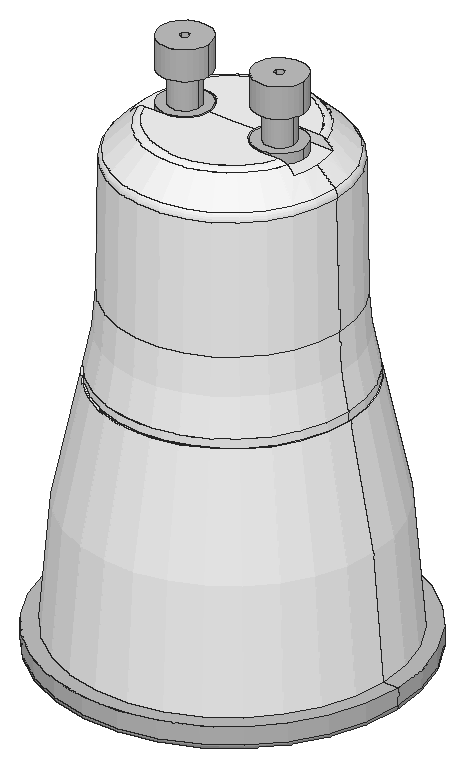
Revit family "STH7530_27", category Luminárias, Revit 2023
Family settings
  Cota do conector redondo = Utilizar diâmetro
  Tipo de parte = Normal
  Com base no plano de trabalho = Não
  Sempre na vertical = Sim
  Corte com vazios quando carregada = Não
  Fonte luminosa = Sim
  Manter orientação da anotação = Não
  Compartilhado = Não
  Ponto de cálculo do ambiente = Não
Parameters (values of type "STH7530/27 - BIVOLT - 2700K - 230lm - 30°")
  Ângulo de inclinação = 90.00°
  Ângulo de Abertura = "30°"
  Wattage = 1.54838 W
  URL = "https://stella.com.br/"
  Troca de temperatura da cor de lâmpada com esmaecimento = <Nenhum>
  Tensão Elétrica = "100V-240V"
  built-in parameter 1150107 = 2700 (stored number, unit not read)
  Temperatura da cor (K) = 2700 K
  Referência = "STH7530/27"
  Potência = 4 W
  built-in parameter 1150110 = 1 (stored number, unit not read)
  built-in parameter 1150109 = 1 (stored number, unit not read)
  built-in parameter 1114218 = 1 (stored number, unit not read)
  built-in parameter 1150112 = 1 (stored number, unit not read)
  built-in parameter 1150113 = 1 (stored number, unit not read)
  built-in parameter 1150132 = 2
  built-in parameter 1150137 = (empty or 0)
  Modelo = "Mini Dicroica MR11 Evo - Dimerizável BDT"
  Luminoso [instance] = Luminoso - 2700K
  built-in parameter 1150106 = 0.18303 (stored number, unit not read)
  built-in parameter 1150102 = (empty or 0)
  built-in parameter 1150105 = 18.303 (stored number, unit not read)
  IRC (Índice de reprodução de cores) = ">90 (R9 >50)"
  Grau de proteção (IP) = "IP20"
  Fluxo Luminoso = 230 lm
  Color Filter = 16777215
  built-in parameter 1114217 = 1 (stored number, unit not read)
  built-in parameter 1150139 = (empty or 0)
  Fabricante = "Stella"
  Estrutura [instance] = Al - Branco
  Default Elevation = 0.00 m
  built-in parameter 1150104 = 13.8 (stored number, unit not read)
  Diâmetro = 0.035 m
  Dimerização = "20-100%"
  built-in parameter 1150115 = 1 (stored number, unit not read)
  built-in parameter 1150114 = 1 (stored number, unit not read)
  Cromado [instance] = Cromado
  Lumens = 230 lm
  built-in parameter 1150138 = (empty or 0)
  built-in parameter 1150134 = (empty or 0)
  Arquivo de rede fotométrica = "STELLA - STH7530-27 - MINI DICROICA EVO 4W BDT.ies"
  Altura = 0.056 m
  built-in parameter 1150133 = 10 (stored number, unit not read)
Reference planes (m)
  plane 1 "Centro (Frente/Trás)": y = 0
  plane 2: z = 0
  plane 3 "Centro (Esquerda/Direita)": x = 0
  plane 4: x = 0.0175
  plane 5: x = -0.0175
  plane 6 "Superior": z = 0.0537
  plane 7 "Base": z = -0.0023
  plane 8: y = 0.0175
  plane 9: y = -0.0175
Forms (m)
  Extrusion 1, void
    sketch origin (0, -0.129323, 0) x (1, 0, 0) y (0, 1, 0)
      loop
        arc (-0.002358, 0.129323) -> (-0.003131, 0.131192) -> (-0.005, 0.131966) r 0.002642
        line (-0.005, 0.131966) -> (-0.009141, 0.131966)
        arc (-0.009141, 0.131966) -> (-0.009433, 0.130744) -> (-0.009548, 0.129493) r 0.008759
        arc (-0.009548, 0.129493) -> (-0.009459, 0.12807) -> (-0.009141, 0.126681) r 0.008759
        line (-0.009141, 0.126681) -> (-0.005, 0.126681)
        arc (-0.005, 0.126681) -> (-0.003131, 0.127455) -> (-0.002358, 0.129323) r 0.002642
    from 0.0464 to 0.0474
  Extrusion 2, solid, material "Cromado" <- "Cromado"
    sketch origin (0, 0, 0) x (1, 0, 0) y (0, 1, 0)
      loop
        circle (-0.005, 0) r 0.0025
    from 0.0464 to 0.0474
  Extrusion 3, solid, material "Cromado" <- "Cromado"
    sketch origin (0, 0, 0) x (1, 0, 0) y (0, 1, 0)
      loop
        circle (-0.005, 0) r 0.0015
    from 0.0474 to 0.0507
  Extrusion 4, solid, material "Cromado" <- "Cromado"
    sketch origin (0, 0, 0) x (1, 0, 0) y (0, 1, 0)
      loop
        circle (-0.005, 0) r 0.0025
    from 0.0537 to 0.0507
  Extrusion 5, solid, material "Cromado" <- "Cromado"
    sketch origin (0, 0, 0) x (-1, 0, 0) y (0, -1, 0)
      loop
        circle (-0.005, 0) r 0.0025
    from 0.0464 to 0.0474
  Extrusion 6, solid, material "Cromado" <- "Cromado"
    sketch origin (0, 0, 0) x (-1, 0, 0) y (0, -1, 0)
      loop
        circle (-0.005, 0) r 0.0015
    from 0.0474 to 0.0507
  Extrusion 7, solid, material "Cromado" <- "Cromado"
    sketch origin (0, 0, 0) x (-1, 0, 0) y (0, -1, 0)
      loop
        circle (-0.005, 0) r 0.0025
    from 0.0537 to 0.0507
  Extrusion 8, void
    sketch origin (0, 0, 0) x (1, 0, 0) y (0, 1, 0)
      loop
        circle (-0.005, 0) r 0.00045
    from 0.0537 to 0.0474
  Extrusion 9, void
    sketch origin (0, 0, 0) x (-1, 0, 0) y (0, -1, 0)
      loop
        circle (-0.005, 0) r 0.00045
    from 0.0474 to 0.0537
  Revolve 10, solid, material "Al - Branco" <- "Estrutura"
    sketch origin (0, 0, 0) x (1, 0, 0) y (0, 0, 1)
      loop
        arc (0.015972, 0) -> (0.014959, 0.011807) -> (0.0125, 0.0234) r 0.096106
        line (0.0125, 0.0234) -> (0.011473, 0.0234)
        arc (0.011473, 0.0234) -> (0.011757, 0.022301) -> (0.01205, 0.021204) r 0.140627
        arc (0.01205, 0.021204) -> (0.01298, 0.01716) -> (0.013632, 0.013063) r 0.060936
        line (0.013632, 0.013063) -> (0.013902, 0.0033) -> (0.013777, 0.0019) -> (0.013946, 0.0008) -> (0.014774, 0) -> (0.015972, 0)
      axis (0, 0) -> (0, 0.0234)
    angle from 0 to 360
  Revolve 11, solid, material "Al - Branco" <- "Estrutura"
    sketch origin (0, 0, 0) x (1, 0, 0) y (0, 0, 1)
      loop
        line (0, 0.0474) -> (0, 0.0459) -> (0.007814, 0.0459) -> (0.010065, 0.043689) -> (0.010279, 0.031383)
        arc (0.010279, 0.031383) -> (0.010446, 0.028657) -> (0.01085, 0.025956) r 0.031294
        line (0.01085, 0.025956) -> (0.01148, 0.0234) -> (0.01228, 0.0234) -> (0.01228, 0.0242)
        arc (0.01228, 0.0242) -> (0.011562, 0.02777) -> (0.011279, 0.0314) r 0.030192
        line (0.011279, 0.0314) -> (0.011061, 0.043933)
        arc (0.011061, 0.043933) -> (0.010979, 0.044338) -> (0.010761, 0.044687) r 0.001148
        line (0.010761, 0.044687) -> (0.008292, 0.047113)
        arc (0.008292, 0.047113) -> (0.007941, 0.047326) -> (0.007538, 0.0474) r 0.001134
        line (0.007538, 0.0474) -> (0, 0.0474)
      axis (0, 0.0234) -> (0, 0.0474)
    angle from 0 to 360
  Revolve 12, solid, material "Cromado" <- "Cromado"
    sketch origin (0, 0, 0) x (1, 0, 0) y (0, 0, 1)
      loop
        arc (0.012322, 0) -> (0.009237, 0.006907) -> (0.004945, 0.013136) r 0.041356
        line (0.004945, 0.013136) -> (0.00405, 0.013136) -> (0.00405, 0.012336)
        arc (0.00405, 0.012336) -> (0.008579, 0.005611) -> (0.011665, -0.001887) r 0.040156
        arc (0.011665, -0.001887) -> (0.011943, -0.002205) -> (0.012355, -0.0023) r 0.000686
        line (0.012355, -0.0023) -> (0.016908, -0.0023)
        arc (0.016908, -0.0023) -> (0.017305, -0.002135) -> (0.01747, -0.001738) r 0.000562
        line (0.01747, -0.001738) -> (0.0175, 0) -> (0.012322, 0)
      axis (0, 0.013136) -> (0, -0.0023)
    angle from 0 to 360
  Revolve 13, solid, material "Al - Branco" <- "Estrutura"
    sketch origin (0, 0, 0) x (1, 0, 0) y (0, 0, 1)
      loop
        arc (0.013618, 0.013144) -> (0.013109, 0.014044) -> (0.012138, 0.0144) r 0.0015
        line (0.012138, 0.0144) -> (0, 0.0144) -> (0, 0.0134) -> (0.012039, 0.0134)
        arc (0.012039, 0.0134) -> (0.012453, 0.013268) -> (0.012635, 0.012873) r 0.000539
        line (0.012635, 0.012873) -> (0.01279, 0.004) -> (0.01379, 0.004) -> (0.013618, 0.013144)
      axis (0, 0.0144) -> (0, 0.004)
    angle from 0 to 360
  Extrusion 14, solid, material "Luminoso - 2700K" <- "Luminoso"
    sketch origin (0, 0, 0) x (1, 0, 0) y (0, 0, 1)
      loop
        line (-0.0065, 0.0139) -> (-0.0065, 0.013) -> (0.0065, 0.013) -> (0.0065, 0.0139) -> (-0.0065, 0.0139)
    from -0.0065 to 0.0065
  Extrusion 15, solid, material "Luminoso - 2700K" <- "Luminoso"
    sketch origin (0, 0, 0) x (1, 0, 0) y (0, 1, 0)
      loop
        circle (0, 0) r 0.0035
    from 0.0124 to 0.013
  Extrusion 16, void
    sketch origin (0, -0.129323, 0) x (-1, 0, 0) y (0, -1, 0)
      loop
        arc (-0.002358, -0.129323) -> (-0.003131, -0.127455) -> (-0.005, -0.126681) r 0.002642
        line (-0.005, -0.126681) -> (-0.009141, -0.126681)
        arc (-0.009141, -0.126681) -> (-0.009459, -0.12807) -> (-0.009548, -0.129493) r 0.008759
        arc (-0.009548, -0.129493) -> (-0.009433, -0.130744) -> (-0.009141, -0.131966) r 0.008759
        line (-0.009141, -0.131966) -> (-0.005, -0.131966)
        arc (-0.005, -0.131966) -> (-0.003131, -0.131192) -> (-0.002358, -0.129323) r 0.002642
    from 0.0464 to 0.0474
Cuts and joins
  Extrusion 8, Extrusion 9 cuts Extrusion 2
  Extrusion 8, Extrusion 9 cuts Extrusion 3
  Extrusion 8, Extrusion 9 cuts Extrusion 4
  joined: Extrusion 2, Extrusion 3, Extrusion 4
  Extrusion 9 cuts Extrusion 5
  Extrusion 9 cuts Extrusion 6
  Extrusion 9 cuts Extrusion 7
  joined: Extrusion 5, Extrusion 6, Extrusion 7
  Extrusion 1, Extrusion 16 cuts Revolve 11
Dimensions and locks (m)
  "Altura": plane 6 "Superior" to plane 7 "Base"
  "Diâmetro": plane 8 to plane 9
  aligned and locked: level to plane 2
  aligned and locked: plane 6 "Superior" to Extrusion 4
  aligned and locked: Extrusion 4 to Extrusion 8
  aligned and locked: Extrusion 7 to cut or joined group of Extrusion 2, Extrusion 3, Extrusion 4, Extrusion 8, Extrusion 9
  aligned and locked: cut or joined group of Extrusion 5, Extrusion 6, Extrusion 7, Extrusion 9 to Extrusion 9
  aligned and locked: Extrusion 3 to Extrusion 4
  aligned and locked: Extrusion 6 to Extrusion 7
Automatic sketch dimensions
  Extrusion 1 sketch curve to Extrusion 1 sketch curve = 0.00 m  (x4)
  plane 1 "Centro (Frente/Trás)" to Extrusion 1 sketch curve = 0.00 m  (x2)
  plane 1 "Centro (Frente/Trás)" to Extrusion 1 sketch curve = 0.002642 m
  plane 5 to Extrusion 1 sketch curve = 0.008359 m
  Extrusion 1 sketch curve to Extrusion 1 sketch curve = 0.004141 m
  Extrusion 1 sketch curve to plane 3 "Centro (Esquerda/Direita)" = 0.000791 m
  Extrusion 1 sketch curve to plane 1 "Centro (Frente/Trás)" = 0.00017 m
  plane 1 "Centro (Frente/Trás)" to Extrusion 2 sketch curve = 0.00 m
  Extrusion 2 sketch curve to plane 3 "Centro (Esquerda/Direita)" = 0.005 m
  plane 1 "Centro (Frente/Trás)" to Extrusion 3 sketch curve = 0.00 m
  Extrusion 3 sketch curve to plane 3 "Centro (Esquerda/Direita)" = 0.005 m
  plane 1 "Centro (Frente/Trás)" to Extrusion 4 sketch curve = 0.00 m
  Extrusion 4 sketch curve to plane 3 "Centro (Esquerda/Direita)" = 0.005 m
  plane 1 "Centro (Frente/Trás)" to Extrusion 5 sketch curve = 0.00 m
  plane 3 "Centro (Esquerda/Direita)" to Extrusion 5 sketch curve = 0.005 m
  plane 1 "Centro (Frente/Trás)" to Extrusion 6 sketch curve = 0.00 m
  plane 3 "Centro (Esquerda/Direita)" to Extrusion 6 sketch curve = 0.005 m
  plane 1 "Centro (Frente/Trás)" to Extrusion 7 sketch curve = 0.00 m
  plane 3 "Centro (Esquerda/Direita)" to Extrusion 7 sketch curve = 0.005 m
  plane 1 "Centro (Frente/Trás)" to Extrusion 8 sketch curve = 0.00 m
  Extrusion 8 sketch curve to plane 3 "Centro (Esquerda/Direita)" = 0.005 m
  plane 1 "Centro (Frente/Trás)" to Extrusion 9 sketch curve = 0.00 m
  plane 3 "Centro (Esquerda/Direita)" to Extrusion 9 sketch curve = 0.005 m
  Revolve 10 sketch curve to plane 7 "Base" = 0.00 m
  Revolve 10 sketch curve to plane 3 "Centro (Esquerda/Direita)" = 0.00 m
  Revolve 10 sketch curve to level = 0.00 m
  Revolve 10 sketch curve to plane 6 "Superior" = 0.00 m
  level to Revolve 10 sketch curve = 0.005537 m
  Revolve 10 sketch curve to plane 5 = 0.029338 m
  Revolve 10 sketch curve to Revolve 10 sketch curve = 0.033268 m
  Revolve 10 sketch curve to plane 4 = 0.006027 m
  Revolve 10 sketch curve to Revolve 10 sketch curve = 0.001027 m
  Revolve 10 sketch curve to plane 4 = 0.003868 m
  Revolve 10 sketch curve to plane 4 = 0.003723 m
  Revolve 10 sketch curve to Revolve 10 sketch curve = 0.000125 m
  level to Revolve 10 sketch curve = 0.0008 m
  Revolve 10 sketch curve to Revolve 10 sketch curve = 0.000169 m
  Revolve 10 sketch curve to Revolve 10 sketch curve = 0.000828 m
  Revolve 10 sketch curve to Revolve 10 sketch curve = 0.001198 m
  plane 6 "Superior" to Revolve 10 sketch curve = 0.004306 m
  plane 4 to Revolve 10 sketch curve = 0.130276 m
  Revolve 10 sketch curve to Revolve 10 sketch curve = 0.0011 m
  Revolve 10 sketch curve to Revolve 10 sketch curve = 0.0014 m
  Revolve 10 sketch curve to Revolve 10 sketch curve = 0.009763 m
  Revolve 10 sketch curve to plane 7 "Base" = 0.000562 m
  Revolve 11 sketch curve to plane 3 "Centro (Esquerda/Direita)" = 0.00 m  (x2)
  Revolve 11 sketch curve to plane 6 "Superior" = 0.00 m
  Revolve 11 sketch curve to Revolve 11 sketch curve = 0.007538 m
  Revolve 11 sketch curve to Revolve 11 sketch curve = 0.000276 m
  Revolve 11 sketch curve to Revolve 11 sketch curve = 0.000754 m  (x2)
  Revolve 11 sketch curve to Revolve 11 sketch curve = 0.002098 m
  Revolve 11 sketch curve to Revolve 11 sketch curve = 0.000152 m
  Revolve 11 sketch curve to plane 4 = 0.007221 m
  Revolve 11 sketch curve to Revolve 11 sketch curve = 0.000848 m
  Revolve 11 sketch curve to Revolve 11 sketch curve = 0.000571 m
  Revolve 11 sketch curve to Revolve 11 sketch curve = 0.0003 m
  Revolve 11 sketch curve to Revolve 11 sketch curve = 0.001 m
  Revolve 11 sketch curve to Revolve 11 sketch curve = 0.00063 m
  Revolve 11 sketch curve to Revolve 11 sketch curve = 0.0008 m  (x2)
  plane 4 to Revolve 11 sketch curve = 0.023966 m
  Revolve 11 sketch curve to Revolve 11 sketch curve = 0.000102 m
  Revolve 11 sketch curve to Revolve 11 sketch curve = 0.0063 m
  Revolve 11 sketch curve to Revolve 11 sketch curve = 0.000287 m
  Revolve 11 sketch curve to Revolve 11 sketch curve = 0.0015 m
  Revolve 11 sketch curve to Revolve 11 sketch curve = 0.001213 m
  Revolve 11 sketch curve to Revolve 11 sketch curve = 0.000224 m
  Revolve 11 sketch curve to plane 6 "Superior" = 0.021771 m
  Revolve 11 sketch curve to Revolve 11 sketch curve = 0.000002 m
  Revolve 11 sketch curve to Revolve 11 sketch curve = 0.012289 m
  Revolve 11 sketch curve to Revolve 11 sketch curve = 0.000017 m
  Revolve 11 sketch curve to plane 7 "Base" = 0.000562 m
  Revolve 12 sketch curve to Revolve 12 sketch curve = 0.00 m  (x2)
  Revolve 12 sketch curve to plane 3 "Centro (Esquerda/Direita)" = 0.00 m
  Revolve 12 sketch curve to level = 0.00 m
  Revolve 12 sketch curve to plane 7 "Base" = 0.00 m
  Revolve 12 sketch curve to plane 4 = 0.00 m
  Revolve 12 sketch curve to plane 5 = 0.009322 m
  plane 3 "Centro (Esquerda/Direita)" to Revolve 12 sketch curve = 0.00405 m
  Revolve 12 sketch curve to Revolve 12 sketch curve = 0.000895 m
  plane 7 "Base" to Revolve 12 sketch curve = 0.000683 m
  Revolve 12 sketch curve to plane 4 = 0.005205 m
  Revolve 12 sketch curve to Revolve 12 sketch curve = 0.000027 m
  Revolve 12 sketch curve to Revolve 12 sketch curve = 0.00006 m
  Revolve 12 sketch curve to plane 4 = 0.000592 m
  Revolve 12 sketch curve to plane 4 = 0.00003 m
  Revolve 12 sketch curve to plane 7 "Base" = 0.011043 m
  Revolve 12 sketch curve to Revolve 12 sketch curve = 0.0008 m
  Revolve 12 sketch curve to plane 7 "Base" = 0.004467 m
  Revolve 12 sketch curve to Revolve 12 sketch curve = 0.006217 m
  Revolve 13 sketch curve to plane 3 "Centro (Esquerda/Direita)" = 0.00 m  (x2)
  Revolve 13 sketch curve to plane 4 = 0.005461 m
  Revolve 13 sketch curve to Revolve 13 sketch curve = 0.000057 m
  Revolve 13 sketch curve to Revolve 13 sketch curve = 0.000043 m
  Revolve 13 sketch curve to Revolve 13 sketch curve = 0.000497 m
  Revolve 13 sketch curve to plane 4 = 0.00471 m
  Revolve 13 sketch curve to Revolve 13 sketch curve = 0.000983 m
  Revolve 13 sketch curve to Revolve 13 sketch curve = 0.001 m
  level to Revolve 13 sketch curve = 0.004 m
  Revolve 13 sketch curve to Revolve 13 sketch curve = 0.008864 m
  Revolve 13 sketch curve to Revolve 13 sketch curve = 0.000009 m
  Revolve 13 sketch curve to Revolve 13 sketch curve = 0.000036 m
  Revolve 13 sketch curve to Revolve 13 sketch curve = 0.000271 m
  level to Revolve 13 sketch curve = 0.002283 m
  Revolve 13 sketch curve to Revolve 13 sketch curve = 0.005 m
  Extrusion 14 sketch curve to plane 3 "Centro (Esquerda/Direita)" = 0.0065 m
  plane 3 "Centro (Esquerda/Direita)" to Extrusion 14 sketch curve = 0.0065 m
  level to Extrusion 14 sketch curve = 0.013 m
  Extrusion 14 sketch curve to Extrusion 14 sketch curve = 0.0009 m
  plane 1 "Centro (Frente/Trás)" to Extrusion 15 sketch curve = 0.00 m
  Extrusion 15 sketch curve to plane 3 "Centro (Esquerda/Direita)" = 0.00 m
  Extrusion 16 sketch curve to Extrusion 16 sketch curve = 0.00 m  (x4)
  plane 1 "Centro (Frente/Trás)" to Extrusion 16 sketch curve = 0.00 m  (x2)
  plane 1 "Centro (Frente/Trás)" to Extrusion 16 sketch curve = 0.002642 m
  Extrusion 16 sketch curve to plane 4 = 0.008359 m
  Extrusion 16 sketch curve to Extrusion 16 sketch curve = 0.004141 m
  plane 3 "Centro (Esquerda/Direita)" to Extrusion 16 sketch curve = 0.000791 m
  Extrusion 16 sketch curve to plane 1 "Centro (Frente/Trás)" = 0.00017 m
  radius of Extrusion 2 sketch curve = 0.0025 m
  radius of Extrusion 3 sketch curve = 0.0015 m
  radius of Extrusion 4 sketch curve = 0.0025 m
  radius of Extrusion 5 sketch curve = 0.0025 m
  radius of Extrusion 6 sketch curve = 0.0015 m
  radius of Extrusion 7 sketch curve = 0.0025 m
  radius of Extrusion 8 sketch curve = 0.00045 m
  radius of Extrusion 9 sketch curve = 0.00045 m
  radius of Extrusion 15 sketch curve = 0.0035 m
Connectors (m)
  electrical at (0, 0, 0.0537)
    settings: index 1, voltage 0 V, apparent load 0 VA, apparent load phase1 0 VA, apparent load phase2 0 VA, apparent load phase3 0 VA, power factor 1, load classification "Outro", number of poles 1, system type 31, power factor state 1, is connector primary yes, connector utility no, sub classification motor no, connector description ""
